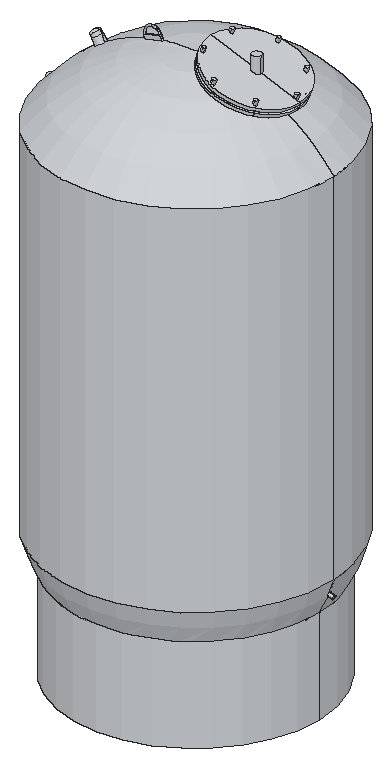
Revit family "NLA-5000", category Mechanical Equipment, Revit 2014
Parameters (values of type "NLA-5000")
  URL = "http://westank.com/"
  Top Clearence = B * 0.03194  # 3.9925"
  TankVolume = "1320 Gallons"
  SystemConnectionAngle = 50.00°
  PartNumber = "22015000"
  OuterRadius = D / 2  # 27"
  Model = "NLA-5000\r\n22015000"
  MaximumOperatingTemperature = "240°F"
  MaximumOperatingPressure = "125 PSIG"
  Manufacturer = "Wessels Company"
  InnerRadius = (D * 0.9844) / 2  # 26.5788"
  HandleAngle = 110.00°
  F = 3/4"
  DrainAngle = 63.00°
  D = 54"
  CylinderHeight = B * 0.90693  # 113.36625"
  Cyl TOp = B * 0.1616  # 20.2"
  Cyl Middle = B * 0.62996  # 78.745"
  Cyl Botttom = B * 0.07034  # 8.7925"
  C = 2"
  B = 125"
  ApproximateShipmentWeight = "3246 lbs"
  Angle = 50.00°
  A = 60"
Reference planes (in)
  plane 1 "Center (Front/Back)": y = 0
  plane 2: z = 0
  plane 3 "Center (Left/Right)": x = 0
  plane 4: x = -30
  plane 5: y = 1.9685
  plane 6: y = -1.9685
  plane 7: z = 125
  plane 8: x = 30
  plane 9: z = 62.8728
  plane 10: y = 0.15626
  plane 11: y = -0.15626
  plane 12: x = -27
  plane 13: x = 27
  plane 14: z = 121.0075
  plane 15: y = 0
  plane 16: y = 8.22887
  plane 17: y = -8.22887
  plane 18: through (28.82785, -180, 25.0015) normal (0.4067, 0, 0.9135)
  plane 19: through (29.1329, -180, 25.68666) normal (0.4067, 0, 0.9135)
  plane 20: z = 104.9483
  plane 21: through (6.20399, -180, 120.32444) normal (0.309, 0, 0.9511)
  plane 22: through (20.26462, -180, 117.56281) normal (-0.9511, 0, 0.309)
  plane 23: through (20.12073, -180, 119.11431) normal (0.9511, 0, -0.309)
  plane 24: through (22.16674, -180, 116.94477) normal (-0.9511, 0, 0.309)
  plane 25: through (22.02285, -180, 118.49628) normal (0.9511, 0, -0.309)
  plane 26: x = 14.30607
  plane 27: x = 12.30607
  plane 28: through (28.61186, -180, 25.50816) normal (0.4067, 0, 0.9135)
Forms (in)
  Revolve 1, solid
    sketch origin (0, 0, -5.125) x (1, 0, 0) y (0, 0, 1)
      loop
        arc (0, 126.1325) -> (-16.64012, 122.60265) -> (-30, 112.0733) r 37.43251
        line (-30, 112.0733) -> (-30, 33.3283)
        arc (-30, 33.3283) -> (-18.88658, 17.00665) -> (0, 11.24458) r 29.73628
        line (0, 11.24458) -> (0, 126.1325)
      axis (0, 126.1325) -> (0, 11.24458)
    angle from 0 to 360
  Extrusion 2, solid
    sketch origin (0, 0, 0) x (1, 0, 0) y (0, 1, 0)
      loop
        circle (0, 0) r 27
      loop
        circle (0, 0) r 26.5788
    from 24.72444 to 0
  Revolve 3, solid
    sketch origin (-17.73562, 0, 110.52444) x (-0.530809, 0, 0.847492) y (-0.847492, 0, -0.530809)
      loop
        line (5.44847, -0.0719) -> (5.44847, -1.16029) -> (6.95487, -1.16029) -> (6.95487, -1.12732) -> (7.76301, -1.12732)
        arc (7.76301, -1.12732) -> (8.10825, -0.65594) -> (8.12516, -0.0719) r 0.9835
        line (8.12516, -0.0719) -> (5.44847, -0.0719)
      axis (5.44847, -0.0719) -> (8.12516, -0.0719)
    angle from 0 to 360
  Sweep 4, solid
    path origin (-7.89412, 0, 114.94608) x (-0.231621, 0, 0.972806) y (-0.972806, 0, -0.231621)
      loop
        arc (6.10198, 1.75) -> (7.85198, 0) -> (6.10198, -1.75) r 1.75
    profile origin (-9.7128, 0, 122.58453) x (-0.231621, 0, 0.972806) y (0, -1, 0)
      loop
        circle (0, 0) r 0.15625
  Extrusion 5, solid
    sketch origin (-6.76496, 0, 110.20365) x (-0.231621, 0, 0.972806) y (-0.972806, 0, -0.231621)
      loop
        line (10.97698, 1.90561) -> (10, 1.90561) -> (10, -1.9095) -> (10.97698, -1.9095) -> (10.97698, 1.90561)
    from 0.15626 to -0.15626
  Revolve 6, solid
    sketch origin (12.60007, 0, 32.59689) x (0.913545, 0, -0.406737) y (0.406737, 0, 0.913545)
      loop
        line (17.91414, 0.03671) -> (19.19446, 0.03671) -> (19.19446, 0.41171) -> (17.91414, 0.41171) -> (17.91414, 0.03671)
      axis (17.91414, 0.03671) -> (19.19446, 0.03671)
    angle from 0 to 360
  Sweep 7, solid
    path origin (-24.57549, 0, 68.9357) x (-1, 0, 0) y (0, 0, -1)
      loop
        arc (6.10198, 1.75) -> (7.85198, 0) -> (6.10198, -1.75) r 1.75
    profile origin (-32.42747, 0, 68.9357) x (-1, 0, 0) y (0, -1, 0)
      loop
        circle (0, 0) r 0.15625
  Extrusion 8, solid
    sketch origin (-19.70049, 0, 68.9357) x (-1, 0, 0) y (0, 0, -1)
      loop
        line (10.97698, 1.90561) -> (10, 1.90561) -> (10, -1.9095) -> (10.97698, -1.9095) -> (10.97698, 1.90561)
    from 0.15626 to -0.15626
  Revolve 9, solid
    sketch origin (3.379, 0, 64.91853) x (0.309017, 0, 0.951057) y (-0.951057, 0, 0.309017)
      loop
        line (57.30729, 8.44322) -> (53.56713, 8.44322) -> (53.56713, 1.62288)
        arc (53.56713, 1.62288) -> (54.53511, 1.91813) -> (55.53563, 1.76607) r 2.28358
        line (55.53563, 1.76607) -> (55.53563, -1.7912) -> (56.12618, -1.7912) -> (56.12618, -1.17492) -> (56.71673, -1.17492) -> (56.71673, -1.7912) -> (57.30729, -1.7912) -> (57.30729, 8.44322)
      axis (53.56713, 8.44322) -> (57.30729, 8.44322)
    angle from 0 to 360
  Extrusion 10, solid
    sketch origin (8.44781, 0, 93.48349) x (1, 0, 0) y (0, 1, 0)
      loop
        circle (4.85826, 0) r 1
    from 31.51651 to 27.52401
  Extrusion 11, solid
    sketch origin (18.30593, -9.84747, 120.463) x (0.847863, -0.457098, -0.268682) y (0.435743, 0.889416, -0.138084)
      loop
        circle (-1.65206, 10.75183) r 0.3937
    from 0.59055 to -2.40615
  Extrusion 12, solid
    sketch origin (8.83392, -10.64807, 123.54064) x (0.182913, -0.98172, -0.052626) y (0.934709, 0.190247, -0.300208)
      loop
        circle (-1.65206, 10.75183) r 0.3937
    from 0.59055 to -2.40615
  Extrusion 13, solid
    sketch origin (2.38203, -3.31251, 125.63698) x (-0.620272, -0.756211, 0.208344) y (0.720252, -0.654289, -0.230526)
      loop
        circle (-1.65206, 10.75183) r 0.3937
    from 0.59055 to -2.40615
  Extrusion 14, solid
    sketch origin (3.88014, 6.55413, 125.15022) x (-0.94798, 0.047116, 0.314823) y (-0.043762, -0.998885, 0.017717)
      loop
        circle (-1.65206, 10.75183) r 0.3937
    from 0.59055 to -2.40615
  Extrusion 15, solid
    sketch origin (12.18355, 11.41278, 122.45228) x (-0.549811, 0.814442, 0.18545) y (-0.773553, -0.580235, 0.25484)
      loop
        circle (-1.65206, 10.75183) r 0.3937
    from 0.59055 to -2.40615
  Extrusion 16, solid
    sketch origin (20.94764, 7.55095, 119.60465) x (0.269996, 0.959455, -0.080921) y (-0.911488, 0.281771, 0.299658)
      loop
        circle (-1.65206, 10.75183) r 0.3937
    from 0.59055 to -2.40615
  Extrusion 17, solid
    sketch origin (23.47579, -2.08053, 118.78321) x (0.885028, 0.371351, -0.280757) y (-0.352172, 0.928476, 0.117925)
      loop
        circle (-1.65206, 10.75183) r 0.3937
    from 0.59055 to -2.40615
  Extrusion 18, solid
    sketch origin (0, 0, 0) x (0, 1, 0) y (0, 0, 1)
      loop
        circle (0, 104.9483) r 0.5
    from -32.19179 to -29.81467
Cuts and joins
  joined: Revolve 1, Extrusion 2, Revolve 3, Extrusion 5, Extrusion 8, Revolve 9, Extrusion 10, Extrusion 18
Lines and regions (in)
  reference lines
    curve 1: line (0, 0, 62.8728) -> (-4.66021, 0, 68.42662)
    curve 2: line (0, 0, 62.8728) -> (-2.47965, 0, 69.68557)
    curve 3: line (0, 0, 21.21085) -> (16.48362, 0, 12.81203)
Dimensions and locks (in)
  equal spacing: plane 5, plane 1 "Center (Front/Back)", plane 6
  "B": plane 7 to level
  equal spacing: plane 8, plane 3 "Center (Left/Right)", plane 4
  "A": plane 8 to plane 4
  equal spacing: plane 10, curve 2, plane 11
  equal spacing: plane 13, plane 3 "Center (Left/Right)", plane 12
  locked: Revolve 3 sketch curve to Revolve 3 sketch curve at 0.03297
  equal spacing: plane 16, plane 15, plane 17
  Revolve 6 sketch curve to Revolve 6 sketch curve = 3/8"
  locked: Revolve 9 sketch curve to Revolve 9 sketch curve at 0.59055  (x3)
  locked: Revolve 9 sketch curve to Revolve 9 sketch curve at 1.9685
  "F": plane 19 to plane 18
  Revolve 1 sketch curve to level = 6.11958"
  "Cyl Middle": Revolve 1 sketch curve to Revolve 1 sketch curve
  plane 14 to Revolve 1 sketch curve = 14.0592"
  "Top Clearence": plane 7 to plane 14
  locked: Extrusion 18 sketch curve to plane 15 at 0
  locked: Extrusion 18 sketch curve to plane 20
  locked: Revolve 1 to plane 20 at 2
  "D": plane 13 to plane 12
  "C": plane 27 to plane 26
  "OuterRadius": radius of Extrusion 2 sketch curve
  "InnerRadius": radius of Extrusion 2 sketch curve
  "C": diameter of Extrusion 10 sketch curve
  "Angle": angle curve 1 to plane 9
  "HandleAngle": angle plane 9 to curve 2
  "DrainAngle": angle plane 3 "Center (Left/Right)" to curve 3
  aligned and locked: level to plane 2
  aligned and locked: Extrusion 2 to level
  aligned and locked: plane 4 to Revolve 1 sketch curve
  aligned and locked: plane 3 "Center (Left/Right)" to curve 1
  aligned and locked: plane 9 to curve 1
  aligned and locked: Revolve 3 sketch curve to Revolve 3 sketch curve
  aligned and locked: plane 9 to curve 2
  aligned and locked: plane 3 "Center (Left/Right)" to curve 2
  aligned and locked: Extrusion 5 sketch curve to Sweep 4
  aligned and locked: Extrusion 5 to plane 11
  aligned and locked: plane 10 to Extrusion 5
  aligned and locked: plane 3 "Center (Left/Right)" to curve 3
  aligned and locked: plane 14 to Revolve 1 sketch curve
  aligned and locked: Extrusion 8 sketch curve to Sweep 7
  aligned and locked: Revolve 9 sketch curve to Revolve 9 sketch curve
  aligned and locked: plane 7 to Extrusion 10
  aligned and locked: plane 26 to Extrusion 10
  aligned and locked: plane 27 to Extrusion 10
  aligned and locked: Revolve 6 sketch curve to Revolve 6 sketch curve
  aligned and locked: plane 28 to Revolve 6 sketch curve
Automatic sketch dimensions
  curve 2 to Sweep 4 sketch curve = 51.38577"
  Sweep 4 sketch curve to curve 2 = 5.21608"
  Sweep 4 sketch curve to Sweep 4 sketch curve = 1 3/4"
  Sweep 4 sketch curve to profile plane = 0"
  profile plane to Sweep 4 sketch curve = 0"
  Extrusion 5 sketch curve to Extrusion 5 sketch curve = 0.97698"
  Extrusion 5 sketch curve to curve 2 = 7.12558"
  Extrusion 5 sketch curve to Extrusion 5 sketch curve = 3.81511"
  curve 2 to Sweep 7 sketch curve = 30.67747"
  Sweep 7 sketch curve to curve 2 = 6.0629"
  Sweep 7 sketch curve to Sweep 7 sketch curve = 1 3/4"
  Sweep 7 sketch curve to profile plane = 0"
  profile plane to Sweep 7 sketch curve = 0"
  Extrusion 8 sketch curve to Extrusion 8 sketch curve = 0.97698"
  Extrusion 8 sketch curve to curve 2 = 7.9724"
  Extrusion 8 sketch curve to Extrusion 8 sketch curve = 3.81511"
  Revolve 9 sketch curve to plane 21 = 0"
  plane 24 to Revolve 9 sketch curve = 0"
  Revolve 9 sketch curve to plane 25 = 0"
  Revolve 9 sketch curve to plane 22 = 0.56823"
  Revolve 9 sketch curve to plane 21 = 8.25878"
  Revolve 9 sketch curve to Revolve 9 sketch curve = 0.00107"
  Revolve 9 sketch curve to plane 23 = 0.7978"
  Revolve 9 sketch curve to Revolve 9 sketch curve = 0"
  Revolve 9 sketch curve to Revolve 9 sketch curve = 6.67715"
  plane 21 to Revolve 9 sketch curve = 1.13365"
  curve 1 to Revolve 3 sketch curve = 48.06655"
  Revolve 3 sketch curve to Revolve 3 sketch curve = 1.5064"
  Revolve 3 sketch curve to Revolve 3 sketch curve = 0"
  Revolve 3 sketch curve to Revolve 3 sketch curve = 0.22312"
  Revolve 3 sketch curve to Revolve 3 sketch curve = 0.80814"
  Revolve 3 sketch curve to Revolve 3 sketch curve = 0.94717"
  Revolve 3 sketch curve to curve 1 = 12.42489"
  Revolve 3 sketch curve to Revolve 3 sketch curve = 0.79058"
  Revolve 3 sketch curve to Revolve 3 sketch curve = 5.44847"
  Revolve 3 sketch curve to Revolve 3 sketch curve = 0.07201"
  curve 3 to Revolve 6 sketch curve = 6.31911"
  Revolve 6 sketch curve to Revolve 6 sketch curve = 1.28033"
  curve 3 to Revolve 6 sketch curve = 6.87962"
  Revolve 6 sketch curve to Revolve 6 sketch curve = 0.58586"
  Revolve 1 sketch curve to plane 3 "Center (Left/Right)" = 0"  (x2)
  Revolve 1 sketch curve to plane 3 "Center (Left/Right)" = 1.25819"
  Revolve 1 sketch curve to plane 3 "Center (Left/Right)" = 0.75556"
  Revolve 1 sketch curve to Revolve 1 sketch curve = 0"
  Revolve 1 sketch curve to plane 14 = 1.18638"
  Extrusion 2 sketch curve to Extrusion 2 sketch curve = 0"  (x2)
  plane 1 "Center (Front/Back)" to Extrusion 2 sketch curve = 0"
  Extrusion 2 sketch curve to plane 3 "Center (Left/Right)" = 0"
  curve 3 to plane 18 = 15.18828"
  plane 1 "Center (Front/Back)" to Extrusion 10 sketch curve = 0"
  plane 26 to Extrusion 10 sketch curve = 1"
  radius of Extrusion 11 sketch curve = 0.3937"
  radius of Extrusion 12 sketch curve = 0.3937"
  radius of Extrusion 13 sketch curve = 0.3937"
  radius of Extrusion 14 sketch curve = 0.3937"
  radius of Extrusion 15 sketch curve = 0.3937"
  radius of Extrusion 16 sketch curve = 0.3937"
  radius of Extrusion 17 sketch curve = 0.3937"
  radius of Sweep 4 sketch curve = 5/32"
  radius of Sweep 7 sketch curve = 5/32"
  radius of Extrusion 18 sketch curve = 1/2"
Connectors (in)
  piping at (30.15001, 0, 24.82333), diameter 0.75, driven by "F"
    settings: on Revolve 6, index 2, connector inside diameter 24", connector length 0", flow factor 0, pipe flow 0 GPM, pressure drop 0.00 psi, fitting loss kfactor 0, connector angle 0.00°, fixture units 0, engagement length 0", angle of deflection 0.00°, flow configuration 0, flow direction 0, fitting loss method 0, system type 7, joint type 0, gender type 0, connector reference index -1, connector utility 0, adjustable connector no, is connector primary yes, connector description ""
  piping at (13.30607, 0, 125), diameter 2, driven by "C"
    settings: on Extrusion 10, index 3, connector inside diameter 24", connector length 0", flow factor 0, pipe flow 0 GPM, pressure drop 0.00 psi, fitting loss kfactor 0, connector angle 0.00°, fixture units 0, engagement length 0", angle of deflection 0.00°, flow configuration 0, flow direction 0, fitting loss method 0, system type 7, joint type 0, gender type 0, connector reference index -1, connector utility 0, adjustable connector no, is connector primary no, connector description ""
